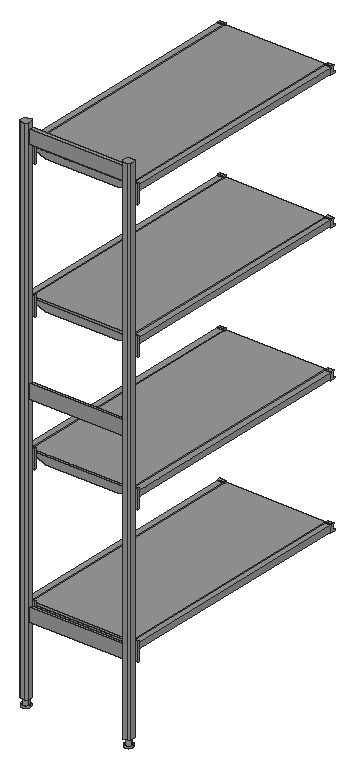
Revit family "QF_ELECTROLUXPROFESSIONAL_137051_ACS830", category Attrezzature speciali, Revit 2020
Family settings
  Quota connettore circolare = Usa diametro
  Tipo di parte = Normale
  Basato su piano di lavoro = No
  Sempre verticale = Sì
  Taglio con vuoti quando caricato = No
  Condiviso = No
  Punto di calcolo locali = No
Parameters (values of type "Standard")
  Weight = 14.00 kg
  Watts = 0 W
  Volts = 0 V
  URL Manufacturer = "https://www.electroluxprofessional.com/"
  URL = "https://www.electroluxprofessional.com/"
  Steam Supply Size = 0 mm
  Steam Supply Minimum Pressure = 0.0 Pa
  Steam Supply Maximum Pressure = 0.0 Pa
  Steam Consumption per Hour = 0
  Refrigeration Suction Line Size = 0.0 mm
  Refrigeration Liquid Line Size = 0.0 mm
  Refrigerant Compressor Remote = yes
  Prospetto di default = 0.0 mm
  Phase = 0
  Modello = "ACS830"
  Produttore = "Electrolux Professional"
  Length Actual = 834.0 mm  # constant formula
  Item Number = "137051"
  Hot Water Size = 0 mm
  Height Actual = 1700.0 mm  # constant formula
  HP = "0 HP"
  Gas Size = 0 mm
  Gas KW = 0
  Gas Input Pressure = 0 W
  Direct Waste Size = 0 mm
  Descrizione = "ALUM.CORNER SHELV.-POLY.TIERS-373X834MM"
  Depth Actual = 373.0 mm  # constant formula
  Cycle = 0 Hz
  Condensate Return Size = 0 mm
  Compressed Air Volume = 0.0 L/s
  Compressed Air Size = 0 mm
  Compressed Air Pressure = 0.0 Pa
  Cold Water Size = 0 mm
  Accessory = yes
Reference planes
  plane 1: z = 0
  plane 2 "Center (F/B)": y = -163.5
  plane 3 "Front": y = -549.5
  plane 4 "Left": x = -217.5
  plane 5 "Right": x = 155.5
  plane 6 "TOP": z = 1700
  plane 7: y = -517.5
  plane 8: y = 280.5
  plane 9 "Center (Left/Right)": x = -31
  plane 10: y = 275.5
  plane 11: x = -186
  plane 12: x = 124
  plane 13 "FEET": z = 25
  plane 14: z = 275
  plane 15: z = 725
  plane 16: z = 1175
  plane 17: z = 1625
  plane 18 "CXLeft": y = -535.5
  plane 19: x = -200
  plane 20 "CYBack": x = -200
  plane 21 "CYFront": x = 138
  plane 22 "Back": y = 284.5
  plane 23 "LEFT_ORIGIN": x = -251.5
  plane 24 "BACK_Origin": y = 657.5
Forms (mm)
  Extrusion 1, solid, material "QF_Aluminum"
    sketch origin (0, -549.5, 0) x (-1, 0, 0) y (0, 0, 1)
      loop
        line (198.5, 1650.994) -> (198.5, 1632.998) -> (217.5, 1632.998) -> (217.5, 1650.994) -> (198.5, 1650.994)
      loop
        line (-136.5, 1650.994) -> (-155.5, 1650.994) -> (-155.5, 1632.998) -> (-136.5, 1632.998) -> (-136.5, 1650.994)
      loop
        line (198.5, 1200.994) -> (198.5, 1182.998) -> (217.5, 1182.998) -> (217.5, 1200.994) -> (198.5, 1200.994)
      loop
        line (-136.5, 1200.994) -> (-155.5, 1200.994) -> (-155.5, 1182.998) -> (-136.5, 1182.998) -> (-136.5, 1200.994)
      loop
        line (198.5, 750.994) -> (198.5, 732.998) -> (217.5, 732.998) -> (217.5, 750.994) -> (198.5, 750.994)
      loop
        line (-136.5, 750.994) -> (-155.5, 750.994) -> (-155.5, 732.998) -> (-136.5, 732.998) -> (-136.5, 750.994)
      loop
        line (198.5, 300.994) -> (198.5, 282.998) -> (217.5, 282.998) -> (217.5, 300.994) -> (198.5, 300.994)
      loop
        line (-136.5, 300.994) -> (-155.5, 300.994) -> (-155.5, 282.998) -> (-136.5, 282.998) -> (-136.5, 300.994)
    from 32 to 830
  Extrusion 2, solid, material "QF_Polyethylene"
    sketch origin (0, -549.5, 0) x (-1, 0, 0) y (0, 0, 1)
      loop
        line (196.507, 1650.994) -> (-134.5, 1650.994) -> (-134.5, 1644.496) -> (196.507, 1644.496) -> (196.507, 1650.994)
      loop
        line (196.507, 1200.994) -> (-134.5, 1200.994) -> (-134.5, 1194.496) -> (196.507, 1194.496) -> (196.507, 1200.994)
      loop
        line (196.507, 750.994) -> (-134.5, 750.994) -> (-134.5, 744.496) -> (196.507, 744.496) -> (196.507, 750.994)
      loop
        line (196.507, 300.994) -> (-134.5, 300.994) -> (-134.5, 294.496) -> (196.507, 294.496) -> (196.507, 300.994)
    from 32 to 830
Lines and regions (mm)
  symbolic lines
    curve 1: line (-198.5, 280.5, 1700) -> (-198.5, -517.5, 1700)
    curve 2: line (-217.5, -521.5, 1700) -> (-217.5, 280.5, 1700)
    curve 3: line (155.5, -521.5, 1700) -> (155.5, 280.5, 1700)
    curve 4: line (-181.507, -517.5, 1700) -> (119.507, -517.5, 1700)
    curve 5: line (136.5, -517.5, 1700) -> (136.5, 280.5, 1700)
    curve 6: line (-198.5, 280.5, 1700) -> (136.5, 280.5, 1700)
Dimensions and locks
  plane 3 "Front" to plane 2 "Center (F/B)" = 386.0 mm
  locked: plane 6 "TOP" to level at 1700
  locked: plane 4 "Left" to plane 5 "Right" at 373
  locked: plane 7 to plane 8 at 798
  locked: plane 3 "Front" to plane 7 at 32
  plane 10 to plane 8 = 5.0 mm
  locked: plane 11 to plane 12 at 310
  equal spacing: plane 11, plane 9 "Center (Left/Right)", plane 12
  equal spacing: plane 4 "Left", plane 9 "Center (Left/Right)", plane 5 "Right"
  plane 13 "FEET" to level = 25.0 mm
  plane 6 "TOP" to plane 13 "FEET" = 1675.0 mm
  plane 14 to plane 13 "FEET" = 250.0 mm
  plane 15 to plane 14 = 450.0 mm
  plane 16 to plane 15 = 450.0 mm
  plane 17 to plane 16 = 450.0 mm
  locked: plane 3 "Front" to plane 18 "CXLeft" at 14
  locked: plane 3 "Front" to plane 22 "Back" at 834
  plane 23 "LEFT_ORIGIN" to plane 5 "Right" = 407.0 mm
  locked: plane 22 "Back" to plane 24 "BACK_Origin" at 373
  aligned and locked: level to plane 1
  aligned and locked: Extrusion 2 to plane 7
  aligned and locked: plane 8 to Extrusion 2
  aligned and locked: Extrusion 1 to plane 7
  aligned and locked: plane 8 to Extrusion 1
  aligned and locked: Extrusion 1 sketch curve to Extrusion 1 sketch curve  (x2)
  aligned and locked: nested 1 to plane 18 "CXLeft"
  aligned and locked: nested 2 to plane 10
Automatic sketch dimensions
  curve 2 to plane 4 "Left" = 0.0 mm
  curve 3 to plane 5 "Right" = 0.0 mm
  plane 7 to curve 1 = 0.0 mm
  plane 7 to curve 4 = 0.0 mm
  plane 7 to curve 5 = 0.0 mm
  plane 8 to curve 2 = 0.0 mm
  plane 8 to curve 1 = 0.0 mm
  plane 8 to curve 3 = 0.0 mm
  plane 21 "CYFront" to curve 5 = 1.5 mm
  plane 19 to curve 6 = 1.5 mm
  plane 7 to curve 3 = 4.0 mm
  plane 7 to curve 2 = 4.0 mm
  plane 12 to curve 4 = 4.493 mm
  curve 4 to plane 11 = 4.493 mm
  plane 5 "Right" to Extrusion 1 sketch curve = 0.0 mm  (x4)
  plane 4 "Left" to Extrusion 1 sketch curve = 0.0 mm  (x4)
  plane 21 "CYFront" to Extrusion 1 sketch curve = 1.5 mm  (x2)
  plane 19 to Extrusion 1 sketch curve = 1.5 mm  (x4)
  plane 14 to Extrusion 1 sketch curve = 7.998 mm  (x2)
  Extrusion 1 sketch curve to Extrusion 1 sketch curve = 17.997 mm  (x8)
  plane 15 to Extrusion 1 sketch curve = 7.998 mm  (x2)
  plane 16 to Extrusion 1 sketch curve = 7.998 mm  (x2)
  plane 17 to Extrusion 1 sketch curve = 7.998 mm  (x2)
  plane 21 "CYFront" to Extrusion 2 sketch curve = 3.5 mm  (x4)
  plane 19 to Extrusion 2 sketch curve = 3.493 mm  (x4)
  plane 14 to Extrusion 2 sketch curve = 19.496 mm
  Extrusion 2 sketch curve to Extrusion 2 sketch curve = 6.499 mm  (x4)
  plane 15 to Extrusion 2 sketch curve = 19.496 mm
  plane 16 to Extrusion 2 sketch curve = 19.496 mm
  plane 17 to Extrusion 2 sketch curve = 19.496 mm
Nested families
  nested 1: "WT_Anta373" at (-194.5, -132.5, 0) x (0, 1, 0) z (0, 0, 1), type "WT_Anta373"
  nested 2: "WT_Aggancio373" at (-194.5, 692.5, 0) x (0, 1, 0) z (0, 0, 1), type "WT_Aggancio373"
Definition of nested family "WT_Anta373"
  Parameters
    WidthLeft = A + 64.0 mm  # 772.0 mm
    Width = 1606.0 mm
    Right = WidthLeft / 2  # 386.0 mm
    Default Elevation = 0.0 mm
    Left = -WidthLeft / 2  # -386.0 mm
    Height = 1725.0 mm
    FEET = 25.0 mm
    E = 0.0 mm
    Dint = Depth - 63.0 mm  # 310.0 mm
    Dext = Depth - 8.0 mm  # 365.0 mm
    Depth = 373.0 mm
    DX = (WidthLeft - A) / 2  # 32.0 mm
    B = 798.0 mm
    A = 708.0 mm
  Reference planes
    plane 1: z = 0
    plane 2 "LEFT": x = -417
    plane 3 "BACK": y = 23
    plane 4 "FRONT": y = -350
    plane 5 "TOP": z = 1725
    plane 6 "Center (Front/Back)": y = -163.5
    plane 7: y = -8.5
    plane 8: y = -318.5
    plane 9 "FEET": z = 25
    plane 10: z = 275
    plane 11: z = 725
    plane 12: z = 1175
    plane 13: z = 1625
    plane 14 "CXLeft": x = -403
    plane 15: y = 5.5
    plane 16 "CYBack": y = 5.5
    plane 17 "CYFront": y = -332.5
    plane 18: x = -385.031
    plane 19: x = -380.031
  Forms (mm)
    Extrusion 1, solid
      sketch origin (0, 0, 0) x (1, 0, 0) y (0, 1, 0)
        loop
          line (-417, 13.246) -> (-417, -2.246) -> (-410.746, -8.5) -> (-395.254, -8.5) -> (-389, -2.246) -> (-389, 13.246) -> (-395.254, 19.5) -> (-410.746, 19.5) -> (-417, 13.246)
      from 1725 to 25
    Extrusion 2, solid
      sketch origin (-417, 0, 0) x (0, 1, 0) y (0, 0, 1)
        loop
          line (23, 246.005) -> (23, 307.993) -> (-12.993, 307.993) -> (-12.993, 246.005) -> (23, 246.005)
        loop
          line (-350, 246.005) -> (-314.007, 246.005) -> (-314.007, 307.993) -> (-350, 307.993) -> (-350, 246.005)
        loop
          line (23, 696.005) -> (23, 757.993) -> (-12.993, 757.993) -> (-12.993, 696.005) -> (23, 696.005)
        loop
          line (-350, 696.005) -> (-314.007, 696.005) -> (-314.007, 757.993) -> (-350, 757.993) -> (-350, 696.005)
        loop
          line (23, 1146.005) -> (23, 1207.993) -> (-12.993, 1207.993) -> (-12.993, 1146.005) -> (23, 1146.005)
        loop
          line (-350, 1146.005) -> (-314.007, 1146.005) -> (-314.007, 1207.993) -> (-350, 1207.993) -> (-350, 1146.005)
        loop
          line (23, 1596.005) -> (23, 1657.993) -> (-12.993, 1657.993) -> (-12.993, 1596.005) -> (23, 1596.005)
        loop
          line (-350, 1596.005) -> (-314.007, 1596.005) -> (-314.007, 1657.993) -> (-350, 1657.993) -> (-350, 1596.005)
      from 28 to 32
    Revolve 3, solid
      sketch origin (-403, 0, 0) x (0, 1, 0) y (0, 0, 1)
        loop
          line (5.5, 25) -> (5.5, 0) -> (19, 0) -> (19, 5) -> (14, 5) -> (14, 25) -> (5.5, 25)
        axis (5.5, 25) -> (5.5, 0)
      angle from 0 to 360
    Extrusion 4, solid
      sketch origin (-403, 0, 0) x (0, 1, 0) y (0, 0, 1)
        loop
          line (-8.5, 912.382) -> (-8.5, 957.374) -> (-318.5, 957.374) -> (-318.5, 912.382) -> (-8.5, 912.382)
        loop
          line (-8.5, 1662.244) -> (-8.5, 1707.236) -> (-318.5, 1707.236) -> (-318.5, 1662.244) -> (-8.5, 1662.244)
      from -5 to 5
    Revolve 5, solid
      sketch origin (-403, -627, 0) x (0, -1, 0) y (0, 0, 1)
        loop
          line (-294.5, 25) -> (-294.5, 0) -> (-281, 0) -> (-281, 5) -> (-286, 5) -> (-286, 25) -> (-294.5, 25)
        axis (-294.5, 25) -> (-294.5, 0)
      angle from 0 to 360
    Extrusion 6, solid
      sketch origin (0, -627, 0) x (1, 0, 0) y (0, 1, 0)
        loop
          line (-417, 286.754) -> (-410.746, 280.5) -> (-395.254, 280.5) -> (-389, 286.754) -> (-389, 302.246) -> (-395.254, 308.5) -> (-410.746, 308.5) -> (-417, 302.246) -> (-417, 286.754)
      from 1725 to 25
    Extrusion 7, solid
      sketch origin (-417.031, -0.022, 0) x (0, 1, 0) y (0, 0, -1)
        loop
          line (-12, -1632.998) -> (-46, -1620.994) -> (-281, -1620.994) -> (-315, -1632.998) -> (-331, -1632.998) -> (-331, -1650.994) -> (-329, -1650.994) -> (-329, -1644.496) -> (2.007, -1644.496) -> (2.007, -1650.994) -> (4, -1650.994) -> (4, -1632.998) -> (-12, -1632.998)
        loop
          line (-12, -1182.998) -> (-46, -1170.994) -> (-281, -1170.994) -> (-315, -1182.998) -> (-331, -1182.998) -> (-331, -1200.994) -> (-329, -1200.994) -> (-329, -1194.496) -> (2.007, -1194.496) -> (2.007, -1200.994) -> (4, -1200.994) -> (4, -1182.998) -> (-12, -1182.998)
        loop
          line (-12, -732.998) -> (-46, -720.994) -> (-281, -720.994) -> (-315, -732.998) -> (-331, -732.998) -> (-331, -750.994) -> (-329, -750.994) -> (-329, -744.496) -> (2.007, -744.496) -> (2.007, -750.994) -> (4, -750.994) -> (4, -732.998) -> (-12, -732.998)
        loop
          line (-12, -282.998) -> (-46, -270.994) -> (-281, -270.994) -> (-315, -282.998) -> (-331, -282.998) -> (-331, -300.994) -> (-329, -300.994) -> (-329, -294.496) -> (2.007, -294.496) -> (2.007, -300.994) -> (4, -300.994) -> (4, -282.998) -> (-12, -282.998)
      from -32 to -37
    Extrusion 8, solid
      sketch origin (-403, 0, -659.878) x (0, 1, 0) y (0, 0, 1)
        loop
          line (-8.5, 912.382) -> (-8.5, 957.374) -> (-318.5, 957.374) -> (-318.5, 912.382) -> (-8.5, 912.382)
        loop
          line (-8.5, 1572.382) -> (-8.5, 1617.374) -> (-318.5, 1617.374) -> (-318.5, 1572.382) -> (-8.5, 1572.382)
        loop
          line (-8.5, 2322.382) -> (-8.5, 2367.374) -> (-318.5, 2367.374) -> (-318.5, 2322.382) -> (-8.5, 2322.382)
      from -5 to 5
  Lines and regions (mm)
    symbolic lines
      curve 1: line (-408, -8.5, 1725) -> (-408, -318.5, 1725)
      curve 2: line (-398, -318.5, 1725) -> (-398, -8.5, 1725)
      curve 3: line (-395.254, -8.5, 1725) -> (-410.746, -8.5, 1725)
      curve 4: line (-417, -2.246, 1725) -> (-410.746, -8.5, 1725)
      curve 5: line (-417, 13.246, 1725) -> (-417, -2.246, 1725)
      curve 6: line (-410.746, 19.5, 1725) -> (-417, 13.246, 1725)
      curve 7: line (-395.254, 19.5, 1725) -> (-410.746, 19.5, 1725)
      curve 8: line (-389, 13.246, 1725) -> (-395.254, 19.5, 1725)
      curve 9: line (-395.254, -8.5, 1725) -> (-389, -2.246, 1725)
      curve 10: line (-395.254, -318.5, 1725) -> (-410.746, -318.5, 1725)
      curve 11: line (-417, -324.754, 1725) -> (-410.746, -318.5, 1725)
      curve 12: line (-410.746, -346.5, 1725) -> (-417, -340.246, 1725)
      curve 13: line (-395.254, -346.5, 1725) -> (-410.746, -346.5, 1725)
      curve 14: line (-389, -340.246, 1725) -> (-395.254, -346.5, 1725)
      curve 15: line (-395.254, -318.5, 1725) -> (-389, -324.754, 1725)
      curve 16: line (-389, -350, 1725) -> (-389, -314.007, 1725)
      curve 17: line (-389, -314.007, 1725) -> (-385, -314.007, 1725)
      curve 18: line (-389, 23, 1725) -> (-389, -12.993, 1725)
      curve 19: line (-389, -12.993, 1725) -> (-385, -12.993, 1725)
      curve 20: line (-417, -324.754, 1725) -> (-417, -340.246, 1725)
      curve 21: line (-385, -350, 1725) -> (-385, -314.007, 1725)
      curve 22: line (-385, -350, 1725) -> (-389, -350, 1725)
      curve 23: line (-385, 23, 1725) -> (-389, 23, 1725)
      curve 24: line (-385, -12.993, 1725) -> (-385, 23, 1725)
      curve 25: line (-385.031, -13.016, 1725) -> (-385.031, -314.029, 1725)
  Dimensions and locks
    "Height": plane 5 "TOP" to level
    "Depth": plane 3 "BACK" to plane 4 "FRONT"
    "Dint": plane 7 to plane 8
    equal spacing: plane 7, plane 6 "Center (Front/Back)", plane 8
    equal spacing: plane 3 "BACK", plane 6 "Center (Front/Back)", plane 4 "FRONT"
    plane 9 "FEET" to level = 25.0 mm
    plane 5 "TOP" to plane 9 "FEET" = 1700.0 mm
    plane 10 to plane 9 "FEET" = 250.0 mm
    plane 11 to plane 10 = 450.0 mm
    plane 12 to plane 11 = 450.0 mm
    plane 13 to plane 12 = 450.0 mm
    locked: plane 2 "LEFT" to plane 14 "CXLeft" at 14
    locked: plane 3 "BACK" to plane 16 "CYBack" at 17.5
    locked: plane 17 "CYFront" to plane 4 "FRONT" at 17.5
    locked: Revolve 3 sketch curve to Revolve 3 sketch curve at 8.5
    locked: Revolve 3 sketch curve to plane 16 "CYBack" at 13.5
    locked: Revolve 5 sketch curve to Revolve 5 sketch curve at 8.5
    aligned and locked: level to plane 1
    aligned and locked: curve 20 to Extrusion 6
    aligned and locked: plane 5 "TOP" to Extrusion 1
    aligned and locked: plane 5 "TOP" to Extrusion 6
    aligned and locked: Extrusion 7 sketch curve to Extrusion 7 sketch curve  (x3)
  Automatic sketch dimensions
    curve 16 to plane 4 "FRONT" = 0.0 mm
    curve 11 to plane 8 = 0.0 mm
    curve 9 to plane 7 = 0.0 mm
    curve 5 to plane 2 "LEFT" = 0.0 mm
    curve 23 to plane 3 "BACK" = 0.0 mm
    plane 4 "FRONT" to curve 13 = 3.5 mm
    curve 20 to plane 17 "CYFront" = 7.746 mm
    curve 20 to plane 8 = 6.254 mm
    plane 8 to curve 16 = 4.493 mm
    curve 24 to plane 18 = 0.031 mm
    curve 24 to plane 7 = 4.493 mm
    plane 7 to curve 5 = 6.254 mm
    curve 5 to plane 15 = 7.746 mm
    curve 6 to plane 3 "BACK" = 3.5 mm
    curve 21 to plane 18 = 0.031 mm
    plane 18 to curve 23 = 3.969 mm
    plane 18 to curve 16 = 3.969 mm
    curve 18 to curve 8 = 6.254 mm
    curve 18 to curve 3 = 6.254 mm
    curve 16 to curve 13 = 6.254 mm
    curve 16 to curve 15 = 6.254 mm
    plane 2 "LEFT" to curve 10 = 6.254 mm
    plane 2 "LEFT" to curve 7 = 6.254 mm
    plane 2 "LEFT" to curve 12 = 6.254 mm
    plane 2 "LEFT" to curve 3 = 6.254 mm
    curve 14 to plane 17 "CYFront" = 7.746 mm
    curve 15 to plane 8 = 6.254 mm
    plane 7 to curve 9 = 6.254 mm
    curve 8 to plane 15 = 7.746 mm
    curve 3 to curve 2 = 2.746 mm
    curve 1 to curve 10 = 2.746 mm
    Extrusion 1 sketch curve to plane 2 "LEFT" = 0.0 mm
    Extrusion 1 sketch curve to plane 7 = 0.0 mm
    plane 2 "LEFT" to Extrusion 1 sketch curve = 6.254 mm  (x2)
    plane 14 "CXLeft" to Extrusion 1 sketch curve = 7.746 mm  (x2)
    Extrusion 1 sketch curve to plane 3 "BACK" = 3.5 mm
    plane 18 to Extrusion 1 sketch curve = 3.969 mm
    plane 7 to Extrusion 1 sketch curve = 6.254 mm  (x2)
    Extrusion 1 sketch curve to plane 15 = 7.746 mm  (x2)
    Extrusion 2 sketch curve to plane 4 "FRONT" = 0.0 mm  (x4)
    Extrusion 2 sketch curve to plane 3 "BACK" = 0.0 mm  (x4)
    plane 8 to Extrusion 2 sketch curve = 4.493 mm  (x4)
    Extrusion 2 sketch curve to plane 7 = 4.493 mm  (x4)
    Extrusion 2 sketch curve to plane 10 = 28.995 mm  (x2)
    plane 10 to Extrusion 2 sketch curve = 32.993 mm  (x2)
    Extrusion 2 sketch curve to plane 11 = 28.995 mm  (x2)
    plane 11 to Extrusion 2 sketch curve = 32.993 mm  (x2)
    Extrusion 2 sketch curve to plane 12 = 28.995 mm  (x2)
    plane 12 to Extrusion 2 sketch curve = 32.993 mm  (x2)
    Extrusion 2 sketch curve to plane 13 = 28.995 mm  (x2)
    plane 13 to Extrusion 2 sketch curve = 32.993 mm  (x2)
    Revolve 3 sketch curve to plane 9 "FEET" = 0.0 mm  (x2)
    Revolve 3 sketch curve to plane 15 = 0.0 mm  (x2)
    Revolve 3 sketch curve to level = 0.0 mm
    level to Revolve 3 sketch curve = 5.0 mm
    Revolve 3 sketch curve to Revolve 3 sketch curve = 11.655 mm
    Extrusion 4 sketch curve to plane 8 = 0.0 mm  (x2)
    Extrusion 4 sketch curve to plane 7 = 0.0 mm  (x2)
    plane 11 to Extrusion 4 sketch curve = 187.382 mm
    Extrusion 4 sketch curve to Extrusion 4 sketch curve = 44.992 mm
    plane 13 to Extrusion 4 sketch curve = 37.244 mm
    Extrusion 4 sketch curve to plane 5 "TOP" = 17.764 mm
    Revolve 5 sketch curve to plane 9 "FEET" = 0.0 mm  (x2)
    Revolve 5 sketch curve to plane 17 "CYFront" = 0.0 mm  (x2)
    Revolve 5 sketch curve to level = 0.0 mm
    Revolve 5 sketch curve to plane 4 "FRONT" = 4.0 mm
    Revolve 5 sketch curve to Revolve 5 sketch curve = 5.0 mm
    level to Revolve 5 sketch curve = 11.655 mm
    Extrusion 6 sketch curve to plane 2 "LEFT" = 0.0 mm
    Extrusion 6 sketch curve to plane 8 = 0.0 mm
    Extrusion 6 sketch curve to plane 2 "LEFT" = 6.254 mm  (x2)
    Extrusion 6 sketch curve to plane 14 "CXLeft" = 7.746 mm  (x2)
    Extrusion 6 sketch curve to plane 4 "FRONT" = 3.5 mm
    Extrusion 6 sketch curve to plane 18 = 3.969 mm
    plane 8 to Extrusion 6 sketch curve = 6.254 mm  (x2)
    plane 17 "CYFront" to Extrusion 6 sketch curve = 7.746 mm  (x2)
    plane 17 "CYFront" to Extrusion 7 sketch curve = 1.478 mm  (x4)
    Extrusion 7 sketch curve to Extrusion 7 sketch curve = 2.0 mm
    plane 8 to Extrusion 7 sketch curve = 3.478 mm  (x4)
    Extrusion 7 sketch curve to plane 10 = 4.006 mm
    Extrusion 7 sketch curve to Extrusion 7 sketch curve = 34.0 mm  (x4)
    Extrusion 7 sketch curve to plane 11 = 4.006 mm
    Extrusion 7 sketch curve to plane 12 = 4.006 mm
    Extrusion 7 sketch curve to plane 13 = 4.006 mm
    Extrusion 7 sketch curve to plane 7 = 37.522 mm  (x4)
    Extrusion 7 sketch curve to plane 7 = 3.522 mm  (x4)
    plane 15 to Extrusion 7 sketch curve = 3.516 mm  (x4)
    plane 15 to Extrusion 7 sketch curve = 1.522 mm  (x4)
    plane 13 to Extrusion 7 sketch curve = 7.998 mm  (x2)
    Extrusion 7 sketch curve to Extrusion 7 sketch curve = 11.498 mm
    Extrusion 7 sketch curve to Extrusion 7 sketch curve = 6.499 mm  (x5)
    plane 12 to Extrusion 7 sketch curve = 25.994 mm  (x2)
    plane 12 to Extrusion 7 sketch curve = 7.998 mm  (x2)
    plane 11 to Extrusion 7 sketch curve = 25.994 mm  (x2)
    plane 11 to Extrusion 7 sketch curve = 7.998 mm  (x2)
    plane 10 to Extrusion 7 sketch curve = 25.994 mm  (x2)
    plane 10 to Extrusion 7 sketch curve = 7.998 mm  (x2)
    curve 25 to plane 18 = 0.0 mm
    plane 8 to curve 25 = 4.471 mm
    curve 25 to plane 7 = 4.516 mm
    Extrusion 8 sketch curve to plane 8 = 0.0 mm  (x3)
    Extrusion 8 sketch curve to plane 7 = 0.0 mm  (x3)
    Extrusion 8 sketch curve to plane 10 = 22.496 mm
    plane 10 to Extrusion 8 sketch curve = 22.496 mm
    plane 11 to Extrusion 8 sketch curve = 187.504 mm
    Extrusion 8 sketch curve to Extrusion 8 sketch curve = 44.992 mm
    plane 13 to Extrusion 8 sketch curve = 37.504 mm
    Extrusion 8 sketch curve to plane 5 "TOP" = 17.504 mm
Definition of nested family "WT_Aggancio373"
  Parameters
    WidthLeft = A + 64.0 mm  # 772.0 mm
    Width = 1606.0 mm
    Right = WidthLeft / 2  # 386.0 mm
    Default Elevation = 0.0 mm
    Left = -WidthLeft / 2  # -386.0 mm
    Height = 1725.0 mm
    FEET = 25.0 mm
    E = 0.0 mm
    Dint = Depth - 63.0 mm  # 310.0 mm
    Dext = Depth - 8.0 mm  # 365.0 mm
    Depth = 373.0 mm
    DX = (WidthLeft - A) / 2  # 32.0 mm
    B = 798.0 mm
    A = 708.0 mm
  Reference planes
    plane 1: z = 0
    plane 2 "LEFT": x = -417
    plane 3 "BACK": y = 23
    plane 4 "FRONT": y = -350
    plane 5 "TOP": z = 1725
    plane 6 "Center (Front/Back)": y = -163.5
    plane 7: y = -8.5
    plane 8: y = -318.5
    plane 9 "FEET": z = 25
    plane 10: z = 275
    plane 11: z = 725
    plane 12: z = 1175
    plane 13: z = 1625
    plane 14: y = 5.5
    plane 15 "CYBack": y = 5.5
    plane 16 "CYFront": y = -332.5
  Forms (mm)
    Extrusion 1, solid
      sketch origin (-380, -0.022, 0) x (0, 1, 0) y (0, 0, 1)
        loop
          line (-12, 1632.998) -> (4, 1632.998) -> (4, 1650.994) -> (2.007, 1650.994) -> (2.007, 1644.496) -> (-329, 1644.496) -> (-329, 1650.994) -> (-331, 1650.994) -> (-331, 1632.998) -> (-315, 1632.998) -> (-281, 1620.994) -> (-46, 1620.994) -> (-12, 1632.998)
        loop
          line (-12, 1182.998) -> (4, 1182.998) -> (4, 1200.994) -> (2.007, 1200.994) -> (2.007, 1194.496) -> (-329, 1194.496) -> (-329, 1200.994) -> (-331, 1200.994) -> (-331, 1182.998) -> (-315, 1182.998) -> (-281, 1170.994) -> (-46, 1170.994) -> (-12, 1182.998)
        loop
          line (-12, 732.998) -> (4, 732.998) -> (4, 750.994) -> (2.007, 750.994) -> (2.007, 744.496) -> (-329, 744.496) -> (-329, 750.994) -> (-331, 750.994) -> (-331, 732.998) -> (-315, 732.998) -> (-281, 720.994) -> (-46, 720.994) -> (-12, 732.998)
        loop
          line (-12, 282.998) -> (4, 282.998) -> (4, 300.994) -> (2.007, 300.994) -> (2.007, 294.496) -> (-329, 294.496) -> (-329, 300.994) -> (-331, 300.994) -> (-331, 282.998) -> (-315, 282.998) -> (-281, 270.994) -> (-46, 270.994) -> (-12, 282.998)
      from -32 to -37
    Extrusion 2, solid
      sketch origin (-793.062, -324.754, 6.5) x (1, 0, 0) y (0, 0, 1)
        loop
          line (385.062, 1644.496) -> (385.062, 1647.496) -> (376.062, 1647.496) -> (376.062, 1620.994) -> (390.031, 1620.994) -> (390.031, 1626.496) -> (381.062, 1626.496) -> (381.062, 1644.496) -> (385.062, 1644.496)
        loop
          line (385.062, 1194.496) -> (385.062, 1197.496) -> (376.062, 1197.496) -> (376.062, 1170.994) -> (390.031, 1170.994) -> (390.031, 1176.496) -> (381.062, 1176.496) -> (381.062, 1194.496) -> (385.062, 1194.496)
        loop
          line (385.062, 744.496) -> (385.062, 747.496) -> (376.062, 747.496) -> (376.062, 720.994) -> (390.031, 720.994) -> (390.031, 726.496) -> (381.062, 726.496) -> (381.062, 744.496) -> (385.062, 744.496)
        loop
          line (385.062, 294.496) -> (385.062, 297.496) -> (376.062, 297.496) -> (376.062, 270.994) -> (390.031, 270.994) -> (390.031, 276.496) -> (381.062, 276.496) -> (381.062, 294.496) -> (385.062, 294.496)
      from 6.268 to 25.246
    Extrusion 3, solid
      sketch origin (-793.062, 32.754, 6.5) x (1, 0, 0) y (0, 0, 1)
        loop
          line (385.062, 1644.496) -> (385.062, 1647.496) -> (376.062, 1647.496) -> (376.062, 1620.994) -> (390.031, 1620.994) -> (390.031, 1626.496) -> (381.062, 1626.496) -> (381.062, 1644.496) -> (385.062, 1644.496)
        loop
          line (385.062, 1194.496) -> (385.062, 1197.496) -> (376.062, 1197.496) -> (376.062, 1170.994) -> (390.031, 1170.994) -> (390.031, 1176.496) -> (381.062, 1176.496) -> (381.062, 1194.496) -> (385.062, 1194.496)
        loop
          line (385.062, 744.496) -> (385.062, 747.496) -> (376.062, 747.496) -> (376.062, 720.994) -> (390.031, 720.994) -> (390.031, 726.496) -> (381.062, 726.496) -> (381.062, 744.496) -> (385.062, 744.496)
        loop
          line (385.062, 294.496) -> (385.062, 297.496) -> (376.062, 297.496) -> (376.062, 270.994) -> (390.031, 270.994) -> (390.031, 276.496) -> (381.062, 276.496) -> (381.062, 294.496) -> (385.062, 294.496)
      from 9.754 to 28.776
  Lines and regions (mm)
    symbolic lines
      curve 1: line (-412, -350, 0) -> (-408, -350, 0)
      curve 2: line (-412, -331.022, 0) -> (-412, -350, 0)
      curve 3: line (-408, -331.022, 0) -> (-412, -331.022, 0)
      curve 4: line (-408, -350, 0) -> (-408, -331.022, 0)
      curve 5: line (-412, 3.978, 0) -> (-408, 3.978, 0)
      curve 6: line (-412, 23, 0) -> (-412, 3.978, 0)
      curve 7: line (-408, 23, 0) -> (-412, 23, 0)
      curve 8: line (-408, 3.978, 0) -> (-408, 23, 0)
  Dimensions and locks
    "Height": plane 5 "TOP" to level
    "Depth": plane 3 "BACK" to plane 4 "FRONT"
    "Dint": plane 7 to plane 8
    equal spacing: plane 7, plane 6 "Center (Front/Back)", plane 8
    equal spacing: plane 3 "BACK", plane 6 "Center (Front/Back)", plane 4 "FRONT"
    plane 9 "FEET" to level = 25.0 mm
    plane 5 "TOP" to plane 9 "FEET" = 1700.0 mm
    plane 10 to plane 9 "FEET" = 250.0 mm
    plane 11 to plane 10 = 450.0 mm
    plane 12 to plane 11 = 450.0 mm
    plane 13 to plane 12 = 450.0 mm
    locked: plane 3 "BACK" to plane 15 "CYBack" at 17.5
    locked: plane 16 "CYFront" to plane 4 "FRONT" at 17.5
    aligned and locked: level to plane 1
    aligned and locked: Extrusion 1 sketch curve to Extrusion 1 sketch curve  (x3)
  Automatic sketch dimensions
    plane 16 "CYFront" to Extrusion 1 sketch curve = 1.478 mm  (x4)
    Extrusion 1 sketch curve to Extrusion 1 sketch curve = 2.0 mm
    plane 8 to Extrusion 1 sketch curve = 3.478 mm  (x4)
    Extrusion 1 sketch curve to plane 10 = 4.006 mm
    Extrusion 1 sketch curve to Extrusion 1 sketch curve = 34.0 mm  (x4)
    Extrusion 1 sketch curve to plane 11 = 4.006 mm
    Extrusion 1 sketch curve to plane 12 = 4.006 mm
    Extrusion 1 sketch curve to plane 13 = 4.006 mm
    Extrusion 1 sketch curve to plane 7 = 37.522 mm  (x4)
    Extrusion 1 sketch curve to plane 7 = 3.522 mm  (x4)
    plane 14 to Extrusion 1 sketch curve = 3.516 mm  (x4)
    plane 14 to Extrusion 1 sketch curve = 1.522 mm  (x4)
    plane 10 to Extrusion 1 sketch curve = 7.998 mm  (x2)
    Extrusion 1 sketch curve to Extrusion 1 sketch curve = 11.498 mm  (x4)
    Extrusion 1 sketch curve to Extrusion 1 sketch curve = 6.499 mm  (x8)
    plane 11 to Extrusion 1 sketch curve = 7.998 mm  (x2)
    plane 12 to Extrusion 1 sketch curve = 7.998 mm  (x2)
    plane 13 to Extrusion 1 sketch curve = 7.998 mm  (x2)
    plane 2 "LEFT" to Extrusion 2 sketch curve = 0.0 mm  (x4)
    plane 13 to Extrusion 2 sketch curve = 7.996 mm
    plane 11 to Extrusion 2 sketch curve = 7.996 mm
    Extrusion 2 sketch curve to Extrusion 2 sketch curve = 5.0 mm  (x4)
    plane 11 to Extrusion 2 sketch curve = 2.494 mm
    plane 10 to Extrusion 2 sketch curve = 28.996 mm
    Extrusion 2 sketch curve to Extrusion 2 sketch curve = 3.0 mm  (x4)
    plane 10 to Extrusion 2 sketch curve = 7.996 mm
    plane 10 to Extrusion 2 sketch curve = 2.494 mm
    Extrusion 2 sketch curve to Extrusion 2 sketch curve = 18.0 mm  (x3)
    plane 12 to Extrusion 2 sketch curve = 2.494 mm
    plane 12 to Extrusion 2 sketch curve = 7.996 mm
    plane 13 to Extrusion 2 sketch curve = 2.494 mm
    plane 2 "LEFT" to Extrusion 3 sketch curve = 0.0 mm  (x4)
    plane 13 to Extrusion 3 sketch curve = 7.996 mm
    plane 11 to Extrusion 3 sketch curve = 7.996 mm
    Extrusion 3 sketch curve to Extrusion 3 sketch curve = 5.0 mm  (x4)
    plane 11 to Extrusion 3 sketch curve = 2.494 mm
    plane 10 to Extrusion 3 sketch curve = 28.996 mm
    Extrusion 3 sketch curve to Extrusion 3 sketch curve = 3.0 mm  (x4)
    plane 10 to Extrusion 3 sketch curve = 7.996 mm
    plane 10 to Extrusion 3 sketch curve = 2.494 mm
    Extrusion 3 sketch curve to Extrusion 3 sketch curve = 18.0 mm  (x3)
    plane 12 to Extrusion 3 sketch curve = 2.494 mm
    plane 12 to Extrusion 3 sketch curve = 7.996 mm
    plane 13 to Extrusion 3 sketch curve = 2.494 mm
    plane 2 "LEFT" to curve 1 = 5.0 mm
    plane 2 "LEFT" to curve 7 = 5.0 mm
    curve 1 to plane 16 "CYFront" = 17.5 mm
    curve 3 to plane 8 = 12.522 mm
    plane 7 to curve 5 = 12.478 mm
    curve 7 to plane 14 = 17.5 mm
    curve 5 to curve 5 = 4.0 mm
    curve 1 to curve 4 = 4.0 mm
    Extrusion 2 sketch curve to Extrusion 2 sketch curve = 4.0 mm  (x4)
    Extrusion 2 sketch curve to Extrusion 2 sketch curve = 8.969 mm  (x4)
    Extrusion 3 sketch curve to Extrusion 3 sketch curve = 4.0 mm  (x4)
    Extrusion 3 sketch curve to Extrusion 3 sketch curve = 8.969 mm  (x4)
